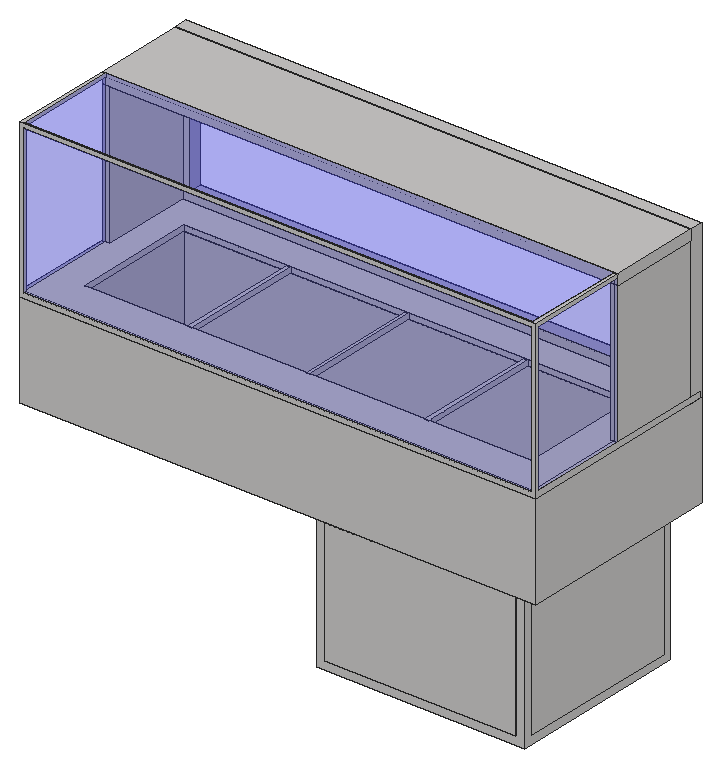
Revit family "QF_Woodson_Module Square Cold Food Display_W.CFSQ23_W.CFSQ24", category Specialty Equipment, Revit 2014
Parameters (values of type "W.CFSQ24")
  Width = 1500.00 mm
  Weight = 230.00 kg
  Watts = 2400 W  # constant formula
  Volts = 240 V  # constant formula
  URL = "http://www.stoddart.com.au/"
  Type Comments = "The ever popular square profile design provides optimal product display and suits modern styling, while LED lighting ensure smaximum product display at all times."  # constant formula
  Number Of Modules = 3
  Model = "W.CFSQ24"
  Has Handle [instance] = yes
  Handle = QF_Plastic-Black-Coarse
  Body = QF_Stainless-Polished
  Manufacturer = "Woodson"  # constant formula
  Height = 1142.90 mm  # constant formula
  Cooling Box Height = 411.20 mm
  Glass = QF_Glass_Transparent
  FL Amps = 10 A  # constant formula
  Drain Connector = 20.00 mm  # constant formula
  Description = "Square Profile Cold Food Display"  # constant formula
  Depth = 605.00 mm  # constant formula
  Box Height = 220.80 mm
  Assembly Code = "E1090300"
Types (3, lengths in mm): name | Width | Weight | Number Of Modules | Model | Box Height
  (no name) | 1500.00 | 230.00 kg | 3 | "W.CFSQ24" | 220.80
  W.CFSQ23 | 1166.00 | 190.00 kg | 2 | "W.CFSQ23" | 180.80
  W.CFSQ24 | 1500.00 | 230.00 kg | 3 | "W.CFSQ24" | 220.80
Reference planes
  plane 1 "Center (Front/Back)": y = 0
  plane 2: z = 0
  plane 3 "Center (Left/Right)": x = 0
  plane 4: y = 264
  plane 5: y = -264
  plane 6: y = -300
  plane 7: x = -750
  plane 8: x = 85.306
  plane 9: x = 690
  plane 10: z = 411.2
  plane 11: y = 266
  plane 12: y = -266
  plane 13: x = 692
  plane 14: x = 83.306
  plane 15: z = 443.2
  plane 16: y = -302
  plane 17: x = 750
  plane 18: z = 411.2
  plane 19: z = 687.7
  plane 20: z = 1142.9
  plane 21: y = -300
  plane 22: y = -290
  plane 23: y = -295
  plane 24: y = 305
  plane 25: z = 1142.9
  plane 26: z = 0
  plane 27: z = 1142.9
  plane 28: x = -471
  plane 29: x = -600
  plane 30: x = 600
Forms (mm)
  Extrusion 1, solid, material "QF_Stainless-Polished" <- "Body", detail levels medium+fine
    sketch origin (0, 0, 0) x (0, 1, 0) y (0, 0, 1)
      loop
        line (-300, 687.7) -> (-300, 411.2) -> (305, 411.2) -> (305, 687.7) -> (-300, 687.7)
    from -750 to 750
  Extrusion 2, solid, material "QF_Stainless-Polished" <- "Body", detail levels medium+fine
    sketch origin (0, 85, 0) x (0, 1, 0) y (0, 0, 1)
      loop
        line (181, 1142.9) -> (-85, 1142.9) -> (-85, 1111.2) -> (181, 1111.2) -> (181, 1142.9)
    from -750 to 750
  Extrusion 3, solid, material "QF_Stainless-Polished" <- "Body", detail levels medium+fine
    sketch origin (0, 0, 0) x (0, 1, 0) y (0, 0, 1)
      loop
        line (-300, 702.7) -> (-300, 687.7) -> (300, 687.7) -> (300, 702.7) -> (-300, 702.7)
    from -750 to 750
  Extrusion 4, solid, material "QF_Glass_Transparent" <- "Glass", detail levels medium+fine
    sketch origin (0, 0, 0) x (0, 1, 0) y (0, 0, 1)
      loop
        line (-300, 702.7) -> (-295, 702.7) -> (-295, 1132.9) -> (-300, 1132.9) -> (-300, 702.7)
    from -740 to 740
  Extrusion 5, solid, material "QF_Stainless-Polished" <- "Body", detail levels medium+fine
    sketch origin (187.906, -264, 0) x (-1, 0, 0) y (0, 0, -1)
      loop
        line (102.6, -411.2) -> (102.6, 0) -> (-502.094, 0) -> (-502.094, -411.2) -> (102.6, -411.2)
    from -528 to 0
  Revolve 6, solid, material "QF_Stainless-Polished" <- "Body", detail levels fine
    sketch origin (-156, -221.246, 0) x (-1, 0, 0) y (0, 0, -1)
      loop
        line (305, -411.2) -> (315, -411.2) -> (315, -363.3) -> (305, -363.3) -> (305, -411.2)
      axis (315, -363.3) -> (315, -411.2)
    angle from 0 to 360
  Extrusion 7, solid, material "QF_Stainless-Polished" <- "Body", detail levels fine
    sketch origin (187.906, -264, 0) x (-1, 0, 0) y (0, 0, -1)
      loop
        line (-477.094, -386.2) -> (77.6, -386.2) -> (77.6, -25) -> (-477.094, -25) -> (-477.094, -386.2)
    from -530 to 2
  Extrusion 8, solid, material "QF_Stainless-Polished" <- "Body", detail levels fine
    sketch origin (343.906, 0, 0) x (0, 1, 0) y (0, 0, 1)
      loop
        line (239, 386.2) -> (-239, 386.2) -> (-239, 25) -> (239, 25) -> (239, 386.2)
    from -260.6 to 348.094
  Extrusion 9, solid, material "QF_Stainless-Polished" <- "Body", detail levels coarse
    sketch origin (0, 0, 0) x (1, 0, 0) y (0, 1, 0)
      loop
        line (-750, 305) -> (-750, -300) -> (750.094, -300) -> (750.094, 305) -> (-750, 305)
    from 0 to 1142.9
  Extrusion 10, solid, material "QF_Glass_Transparent" <- "Glass", detail levels medium+fine
    sketch origin (0, 0, 0) x (0, 1, 0) y (0, 0, 1)
      loop
        line (-290, 702.7) -> (0, 702.7) -> (0, 1111.2) -> (0, 1132.9) -> (-290, 1132.9) -> (-290, 702.7)
    from 740 to 750
  Extrusion 11, solid, material "QF_Glass_Transparent" <- "Glass", detail levels medium+fine
    sketch origin (0, 0, 0) x (0, 1, 0) y (0, 0, -1)
      loop
        line (-290, -702.7) -> (-290, -1132.9) -> (0, -1132.9) -> (0, -702.7) -> (-290, -702.7)
    from 740 to 750
  Extrusion 12, solid, material "QF_Stainless-Polished" <- "Body", detail levels medium+fine
    sketch origin (0, 0, 0) x (0, 1, 0) y (0, 0, 1)
      loop
        line (-300, 1142.9) -> (-300, 1132.9) -> (0, 1132.9) -> (0, 1142.9) -> (-300, 1142.9)
    from -740 to -750
  Extrusion 13, solid, material "QF_Stainless-Polished" <- "Body", detail levels medium+fine
    sketch origin (-156, -264, 0) x (-1, 0, 0) y (0, 0, -1)
      loop
        line (-906, -1142.9) -> (-896, -1142.9) -> (-896, -1132.9) -> (-906, -1132.9) -> (-906, -1142.9)
    from -264 to 36
  Extrusion 14, solid, material "QF_Stainless-Polished" <- "Body", detail levels medium+fine
    sketch origin (-156, -264, 0) x (-1, 0, 0) y (0, 0, -1)
      loop
        line (594, -1142.9) -> (594, -1132.9) -> (-906, -1132.9) -> (-906, -1142.9) -> (594, -1142.9)
    from 31 to 36
  Extrusion 15, solid, material "QF_Glass_Transparent" <- "Glass", detail levels medium+fine
    sketch origin (0, 0, 0) x (1, 0, 0) y (0, 1, 0)
      loop
        line (-740, 0) -> (-740, -295) -> (740, -295) -> (740, 0) -> (-740, 0)
    from 1132.9 to 1142.9
  Extrusion 16, solid, material "QF_Stainless-Polished" <- "Body", detail levels medium+fine
    sketch origin (0, 0, 0) x (1, 0, 0) y (0, 1, 0)
      loop
        line (-750, -290) -> (-750, -300) -> (-740, -300) -> (-740, -290) -> (-750, -290)
      loop
        line (750, -300) -> (750, -290) -> (740, -290) -> (740, -300) -> (750, -300)
    from 702.7 to 1132.9
  Extrusion 17, solid, material "QF_Stainless-Polished" <- "Body", detail levels medium+fine
    sketch origin (0, 0, 0) x (1, 0, 0) y (0, 1, 0)
      loop
        line (-730, 0) -> (-730, 266) -> (-750, 266) -> (-750, 0) -> (-730, 0)
    from 702.7 to 1111.2
  Extrusion 18, solid, material "QF_Stainless-Polished" <- "Body", detail levels medium+fine
    sketch origin (0, 0, 0) x (1, 0, 0) y (0, 1, 0)
      loop
        line (730, 266) -> (730, 0) -> (750, 0) -> (750, 266) -> (730, 266)
    from 702.7 to 1111.2
  Extrusion 19, solid, material "QF_Stainless-Polished" <- "Body", detail levels medium+fine
    sketch origin (0, 0, 0) x (1, 0, 0) y (0, 0, 1)
      loop
        line (750, 1142.9) -> (-750, 1142.9) -> (-750, 687.7) -> (750, 687.7) -> (750, 1142.9)
      loop
        line (710, 1102.9) -> (-710, 1102.9) -> (-710, 727.7) -> (710, 727.7) -> (710, 1102.9)
    from -305 to -266
  Extrusion 20, solid, material "QF_Glass_Transparent" <- "Glass", detail levels medium+fine
    sketch origin (0, 0, 0) x (1, 0, 0) y (0, 0, 1)
      loop
        line (710, 1102.9) -> (-710, 1102.9) -> (-710, 727.7) -> (710, 727.7) -> (710, 1102.9)
    from -305 to -266
  Extrusion 21, void
    sketch origin (0, 0, 0) x (1, 0, 0) y (0, 1, 0)
      loop
        line (-650, 171.694) -> (-650, -188.306) -> (650, -188.306) -> (650, 171.694) -> (-650, 171.694)
    from 443.2 to 702.7
  Extrusion 22, solid, material "QF_Stainless-Polished" <- "Body", detail levels fine
    sketch origin (86.84, 0, 0) x (1, 0, 0) y (0, 1, 0)
      loop
        line (-436.84, 171.694) -> (-436.84, -188.306) -> (-426.84, -188.306) -> (-426.84, 171.694) -> (-436.84, 171.694)
    from 687.7 to 702.7
  Extrusion 23, solid, material "QF_Stainless-Polished" <- "Body", detail levels fine
    sketch origin (776.84, 0, 0) x (1, 0, 0) y (0, 1, 0)
      loop
        line (-436.84, 171.694) -> (-436.84, -188.306) -> (-426.84, -188.306) -> (-426.84, 171.694) -> (-436.84, 171.694)
    from 687.7 to 702.7
  Extrusion 24, solid, material "QF_Plastic-Black-Coarse" <- "Handle", visible <- "Has Handle", detail levels fine
    sketch origin (0, 266, 0) x (1, 0, 0) y (0, 0, 1)
      loop
        circle (-600, 925.844) r 15
      loop
        circle (-600, 925.844) r 10
      loop
        circle (600, 925.844) r 15
      loop
        circle (600, 925.844) r 10
    from -49 to -39
  Extrusion 25, solid, material "QF_Stainless-Polished" <- "Body", detail levels fine
    sketch origin (431.84, 0, 0) x (1, 0, 0) y (0, 1, 0)
      loop
        line (-436.84, 171.694) -> (-436.84, -188.306) -> (-426.84, -188.306) -> (-426.84, 171.694) -> (-436.84, 171.694)
    from 687.7 to 702.7
Cuts and joins
  Extrusion 21 cuts Extrusion 3
  joined: Extrusion 3, Extrusion 12, Extrusion 13, Extrusion 14, Extrusion 16
  Extrusion 21 cuts Extrusion 1
Dimensions and locks
  plane 5 to plane 4 = 528.00 mm
  plane 6 to plane 5 = 36.00 mm
  plane 9 to plane 8 = 604.694 mm
  Extrusion 2 to Extrusion 1 = 731.70 mm
  locked: Extrusion 2 to Extrusion 2 at 31.7
  Extrusion 3 to Extrusion 3 = 15.00 mm
  Extrusion 2 to Extrusion 3 = 455.20 mm
  "Cooling Box Height": level to plane 10
  Revolve 6 sketch curve to Revolve 6 sketch curve = 47.90 mm
  locked: Extrusion 5 to Extrusion 7 sketch curve at 25  (x2)
  locked: Extrusion 7 sketch curve to Extrusion 5 at 25
  locked: Extrusion 1 to Extrusion 7 sketch curve at 25
  locked: plane 12 to plane 5 at 2
  locked: plane 4 to plane 11 at 2
  locked: Extrusion 1 to Extrusion 8 sketch curve at 25
  locked: Extrusion 5 to Extrusion 8 sketch curve at 25  (x2)
  locked: Extrusion 8 sketch curve to Extrusion 5 at 25
  locked: plane 8 to plane 14 at 2
  locked: plane 13 to plane 9 at 2
  locked: Extrusion 1 to plane 16 at 2
  locked: plane 17 to plane 9 at 60
  locked: plane 18 to level at 411.2
  plane 15 to Extrusion 1 = 32.00 mm
  plane 19 to plane 18 = 276.50 mm
  locked: Extrusion 3 to Extrusion 3 at 15
  Extrusion 1 to Extrusion 3 = 276.50 mm
  plane 20 to plane 19 = 455.20 mm
  "Width": plane 17 to plane 7
  equal spacing: plane 17, plane 3 "Center (Left/Right)", plane 7
  locked: Extrusion 16 sketch curve to Extrusion 16 sketch curve at 10  (x3)
  "Depth": plane 21 to plane 24
  "Height": plane 27 to level
  Extrusion 1 to plane 28 = 279.00 mm
  plane 21 to plane 24 = 605.00 mm
  plane 7 to plane 17 = 1500.00 mm
  plane 18 to Revolve 6 = 47.90 mm
  locked: Extrusion 19 sketch curve to Extrusion 19 sketch curve at 40  (x4)
  locked: plane 7 to Extrusion 21 sketch curve at 100
  locked: Extrusion 21 sketch curve to plane 17 at 100
  locked: cut or joined group of Extrusion 3, Extrusion 12, Extrusion 13, Extrusion 14, Extrusion 16, Extrusion 21 to Extrusion 22 at 300
  equal spacing: group 1, group 3, group 2  (x3)
  locked: Extrusion 23 to cut or joined group of Extrusion 3, Extrusion 12, Extrusion 13, Extrusion 14, Extrusion 16, Extrusion 21 at 300
  locked: plane 29 to plane 7 at 150
  locked: plane 17 to plane 30 at 150
  angle Extrusion 3 to Extrusion 4 = 90.00°
  aligned and locked: level to plane 2
  aligned and locked: Extrusion 1 sketch curve to plane 6
  aligned and locked: Extrusion 3 to plane 7
  aligned and locked: plane 8 to Extrusion 5 sketch curve
  aligned and locked: plane 2 to Extrusion 5 sketch curve
  aligned and locked: Extrusion 5 sketch curve to plane 9
  aligned and locked: Extrusion 1 to Extrusion 3  (x2)
  aligned and locked: Revolve 6 sketch curve to Revolve 6 sketch curve
  aligned and locked: Revolve 6 sketch curve to Extrusion 1
  aligned and locked: Extrusion 7 to plane 11
  aligned and locked: plane 13 to Extrusion 8
  aligned and locked: Extrusion 8 to plane 14
  aligned and locked: plane 7 to Extrusion 9 sketch curve
  aligned and locked: Extrusion 9 sketch curve to plane 6
  aligned and locked: Extrusion 9 to Extrusion 2
  aligned and locked: Extrusion 9 to level
  aligned and locked: Extrusion 3 to Extrusion 10 sketch curve
  aligned and locked: Extrusion 11 to plane 7
  aligned and locked: plane 17 to Extrusion 1
  aligned and locked: Extrusion 1 to plane 18
  aligned and locked: Extrusion 3 to plane 19
  aligned and locked: Extrusion 3 sketch curve to plane 6
  aligned and locked: plane 19 to Extrusion 3 sketch curve
  aligned and locked: plane 5 to Extrusion 5
  aligned and locked: plane 12 to Extrusion 7
  aligned and locked: plane 21 to Extrusion 3
  aligned and locked: plane 20 to Extrusion 13 sketch curve
  aligned and locked: plane 21 to Extrusion 13
  aligned and locked: Extrusion 13 to Extrusion 2
  aligned and locked: Extrusion 14 sketch curve to Extrusion 2
  aligned and locked: Extrusion 14 sketch curve to Extrusion 13  (x2)
  aligned and locked: plane 21 to Extrusion 14
  aligned and locked: Extrusion 2 to Extrusion 15 sketch curve
  aligned and locked: Extrusion 2 to Extrusion 10 sketch curve
  aligned and locked: Extrusion 11 to Extrusion 3
  aligned and locked: Extrusion 2 to plane 7
  aligned and locked: Extrusion 1 to Extrusion 12
  aligned and locked: plane 17 to Extrusion 2
  aligned and locked: plane 17 to cut or joined group of Extrusion 3, Extrusion 12, Extrusion 13, Extrusion 14, Extrusion 16, Extrusion 21
  aligned and locked: Extrusion 14 to plane 23
  aligned and locked: Extrusion 16 to Extrusion 4
  aligned and locked: Extrusion 16 sketch curve to Extrusion 16 sketch curve  (x2)
  aligned and locked: Extrusion 10 to Extrusion 16
  aligned and locked: Extrusion 15 to Extrusion 16
  aligned and locked: Extrusion 4 to Extrusion 11
  aligned and locked: cut or joined group of Extrusion 3, Extrusion 12, Extrusion 13, Extrusion 14, Extrusion 16, Extrusion 21 to Extrusion 16
  aligned and locked: Extrusion 4 to Extrusion 16
  aligned and locked: plane 25 to plane 20
  aligned and locked: plane 26 to level
  aligned and locked: Revolve 6 sketch curve to plane 28
  aligned and locked: Extrusion 9 to plane 24
  aligned and locked: Extrusion 10 to plane 1 "Center (Front/Back)"
  aligned and locked: Extrusion 11 to plane 1 "Center (Front/Back)"
  aligned and locked: Extrusion 17 sketch curve to plane 1 "Center (Front/Back)"
  aligned and locked: plane 7 to Extrusion 17 sketch curve
  aligned and locked: plane 11 to Extrusion 17 sketch curve
  aligned and locked: Extrusion 18 sketch curve to plane 1 "Center (Front/Back)"
  aligned and locked: Extrusion 18 sketch curve to plane 17
  aligned and locked: plane 11 to Extrusion 18 sketch curve
  aligned and locked: Extrusion 17 to Extrusion 18  (x2)
  aligned and locked: Extrusion 18 to Extrusion 2
  aligned and locked: Extrusion 4 to Extrusion 18
  aligned and locked: cut or joined group of Extrusion 3, Extrusion 12, Extrusion 13, Extrusion 14, Extrusion 16, Extrusion 21 to Extrusion 15
  aligned and locked: plane 7 to Extrusion 19 sketch curve
  aligned and locked: Extrusion 19 sketch curve to plane 17
  aligned and locked: Extrusion 19 sketch curve to plane 20
  aligned and locked: plane 19 to Extrusion 19 sketch curve
  aligned and locked: Extrusion 19 to Extrusion 20 sketch curve  (x2)
  aligned and locked: Extrusion 20 sketch curve to Extrusion 19  (x2)
  aligned and locked: plane 11 to Extrusion 19
  aligned and locked: Extrusion 19 to plane 24
  aligned and locked: plane 11 to Extrusion 20
  aligned and locked: Extrusion 20 to plane 24
  aligned and locked: Extrusion 21 to Extrusion 4
  aligned and locked: Extrusion 21 to plane 15
  aligned and locked: Extrusion 12 to Extrusion 15
  aligned and locked: Extrusion 11 to Extrusion 15
  aligned and locked: Extrusion 10 to Extrusion 2
  aligned and locked: Extrusion 10 to Extrusion 4
  aligned and locked: cut or joined group of Extrusion 3, Extrusion 12, Extrusion 13, Extrusion 14, Extrusion 16, Extrusion 21 to cut or joined group of Extrusion 3, Extrusion 12, Extrusion 13, Extrusion 14, Extrusion 16, Extrusion 21
  aligned and locked: Extrusion 22 to Extrusion 4
  aligned and locked: cut or joined group of Extrusion 3, Extrusion 12, Extrusion 13, Extrusion 14, Extrusion 16, Extrusion 21 to Extrusion 22
  aligned and locked: plane 29 to Extrusion 24 sketch curve  (x2)
  aligned and locked: plane 30 to Extrusion 24 sketch curve  (x2)
  aligned and locked: Extrusion 24 to Extrusion 19
Automatic sketch dimensions
  Extrusion 1 sketch curve to plane 10 = 0.00 mm
  Extrusion 5 sketch curve to plane 10 = 0.00 mm
  Revolve 6 sketch curve to Revolve 6 sketch curve = 3.47 mm
  plane 10 to Revolve 6 sketch curve = 11.53 mm
  plane 17 to Extrusion 9 sketch curve = 0.094 mm
  Revolve 6 sketch curve to Revolve 6 sketch curve = 10.00 mm
  Extrusion 1 sketch curve to plane 11 = 39.00 mm
  Extrusion 3 sketch curve to plane 11 = 34.00 mm
  Extrusion 9 sketch curve to plane 11 = 39.00 mm
  Extrusion 12 sketch curve to plane 6 = 0.00 mm
  Extrusion 12 sketch curve to plane 20 = 0.00 mm
  Extrusion 12 sketch curve to plane 5 = 264.00 mm
  Extrusion 13 sketch curve to plane 17 = 0.00 mm
  Extrusion 13 sketch curve to plane 20 = 10.00 mm
  plane 19 to Extrusion 4 sketch curve = 15.00 mm
  Extrusion 4 sketch curve to plane 20 = 10.00 mm
  plane 22 to Extrusion 10 sketch curve = 0.00 mm
  Extrusion 13 sketch curve to Extrusion 13 sketch curve = 10.00 mm
  Extrusion 11 sketch curve to plane 22 = 0.00 mm
  plane 22 to Extrusion 15 sketch curve = 5.00 mm
  Extrusion 14 sketch curve to plane 7 = 0.00 mm
  Extrusion 15 sketch curve to plane 17 = 10.00 mm
  Extrusion 10 sketch curve to plane 20 = 10.00 mm
  plane 22 to Extrusion 4 sketch curve = 5.00 mm
  plane 7 to Extrusion 15 sketch curve = 10.00 mm
  Extrusion 16 sketch curve to plane 17 = 0.00 mm
  plane 6 to Extrusion 16 sketch curve = 0.00 mm
  Extrusion 12 sketch curve to Extrusion 12 sketch curve = 10.00 mm
  Extrusion 1 sketch curve to plane 19 = 0.00 mm
  plane 19 to Extrusion 3 sketch curve = 15.00 mm
  plane 19 to Extrusion 11 sketch curve = 15.00 mm
  Extrusion 4 sketch curve to plane 6 = 0.00 mm
  Extrusion 11 sketch curve to plane 20 = 10.00 mm
  Extrusion 16 sketch curve to plane 7 = 0.00 mm
  Extrusion 17 sketch curve to Extrusion 17 sketch curve = 20.00 mm
  plane 13 to Extrusion 18 sketch curve = 38.00 mm
  Extrusion 10 sketch curve to plane 1 "Center (Front/Back)" = 0.00 mm
  Extrusion 10 sketch curve to Extrusion 10 sketch curve = 21.70 mm
  Extrusion 10 sketch curve to Extrusion 10 sketch curve = 0.00 mm
  plane 1 "Center (Front/Back)" to Extrusion 11 sketch curve = 0.00 mm
  Extrusion 2 sketch curve to plane 1 "Center (Front/Back)" = 0.00 mm
  Extrusion 2 sketch curve to plane 20 = 0.00 mm
  Extrusion 2 sketch curve to plane 11 = 0.00 mm
  Extrusion 2 sketch curve to plane 20 = 31.70 mm
  Extrusion 21 sketch curve to plane 5 = 75.694 mm
  plane 4 to Extrusion 21 sketch curve = 92.306 mm
  Extrusion 22 sketch curve to Extrusion 22 sketch curve = 10.00 mm
  Extrusion 22 sketch curve to Extrusion 22 sketch curve = 360.00 mm
  Extrusion 23 sketch curve to Extrusion 23 sketch curve = 10.00 mm
  Extrusion 23 sketch curve to Extrusion 23 sketch curve = 360.00 mm
  Extrusion 24 sketch curve to Extrusion 24 sketch curve = 0.00 mm  (x2)
  Extrusion 24 sketch curve to Extrusion 20 = 177.056 mm  (x2)
  Extrusion 25 sketch curve to Extrusion 25 sketch curve = 10.00 mm
  Extrusion 25 sketch curve to Extrusion 25 sketch curve = 360.00 mm
  radius of Extrusion 24 sketch curve = 15.00 mm  (x2)
  radius of Extrusion 24 sketch curve = 10.00 mm  (x2)
Connectors
  piping at (-471, -221.246, 363.3), diameter 20, driven by "Drain Connector"
    settings: on Revolve 6, index 1, connector inside diameter 609.6 mm, connector length 0.00 mm, flow factor 0, pipe flow 0.0 L/s, pressure drop 0.0 Pa, fitting loss kfactor 0, connector angle 0.00°, fixture units 0, engagement length 0.00 mm, angle of deflection 0.00°, flow configuration 0, flow direction 2, fitting loss method 0, system type 17, joint type 0, gender type 0, connector reference index -1, connector utility 0, adjustable connector no, is connector primary yes, connector description "QF_Drain"
  electrical at (690, 0, 191.15), driven by "Volts", driven by "Watts"
    settings: on plane 9, index 2, voltage 240 V, apparent load 2400 VA, apparent load phase1 0 VA, apparent load phase2 0 VA, apparent load phase3 0 VA, power factor 1, load classification "Other", number of poles 1, system type 30, power factor state 1, is connector primary yes, connector utility no, sub classification motor no, connector description "QF_Power"
